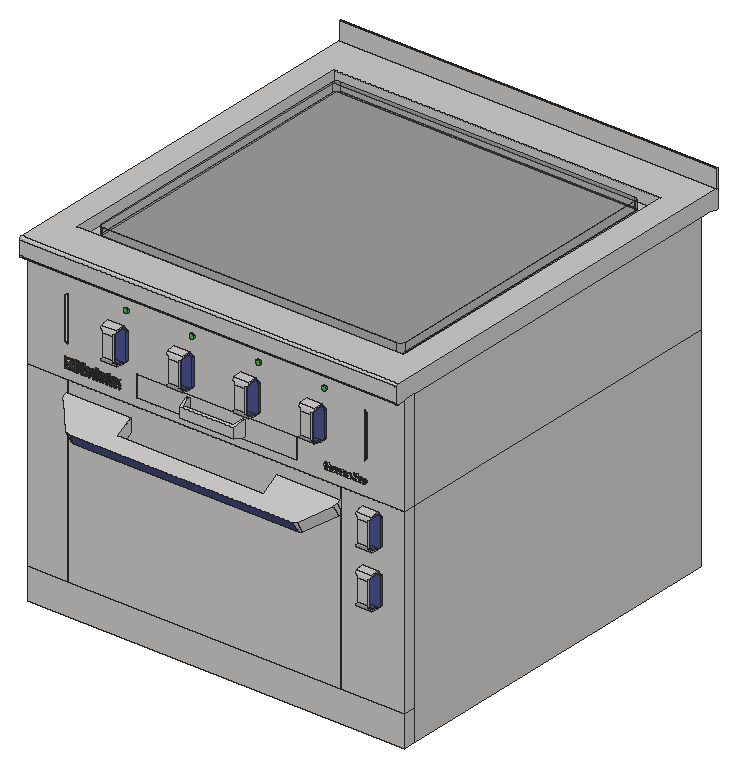
Revit family "QF_ELECTROLUXPROFESSIONAL_588696_MBTGGBH8AO", category Attrezzature speciali, Revit 2020 (continued)
Definition of nested family "Front_Panel_W800_Four Knobs_Spie"
  Definition of nested family "ELX_Professional_Logo_Small"
    Forms (mm)
      Extrusion 2, solid, material <- "Material_Logo"
        sketch origin (15.5, 0, 0) x (1, 0, 0) y (0, 1, 0)
          loop
            spline (9.958, -1.631) -> (10.403, -1.602) -> (10.828, -1.517) -> (11.228, -1.38) -> (11.601, -1.193) -> (11.943, -0.962) -> (12.251, -0.689) -> (12.52, -0.377) -> (12.748, -0.031) -> (12.932, 0.347) -> (13.067, 0.753) -> (13.151, 1.182) -> (13.18, 1.633)
          loop
            line (17.162, 4.269) -> (17.162, -3.573) -> (19.642, -3.573) -> (19.642, 10.824) -> (17.162, 10.824) -> (17.162, 4.269)
          loop
            line (28.581, 6.838) -> (28.581, 0.786)
            spline (28.581, 0.786) -> (28.561, 0.393) -> (28.503, 0.038) -> (28.409, -0.279) -> (28.281, -0.559) -> (28.122, -0.802) -> (27.933, -1.011) -> (27.717, -1.185) -> (27.476, -1.325) -> (27.213, -1.433) -> (26.929, -1.509) -> (26.626, -1.554) -> (26.308, -1.569)
            spline (26.308, -1.569) -> (25.99, -1.554) -> (25.688, -1.509) -> (25.404, -1.434) -> (25.141, -1.326) -> (24.9, -1.187) -> (24.684, -1.014) -> (24.496, -0.807) -> (24.336, -0.565) -> (24.209, -0.288) -> (24.115, 0.026) -> (24.057, 0.376) -> (24.037, 0.765)
            line (24.037, 0.765) -> (24.037, 6.838) -> (21.537, 6.838) -> (21.537, 0.558)
            spline (21.537, 0.558) -> (21.581, -0.153) -> (21.71, -0.8) -> (21.916, -1.384) -> (22.195, -1.904) -> (22.54, -2.362) -> (22.944, -2.757) -> (23.403, -3.09) -> (23.909, -3.362) -> (24.456, -3.572) -> (25.04, -3.722) -> (25.652, -3.811) -> (26.288, -3.841)
            spline (26.288, -3.841) -> (26.929, -3.811) -> (27.547, -3.72) -> (28.135, -3.568) -> (28.687, -3.355) -> (29.197, -3.079) -> (29.66, -2.741) -> (30.068, -2.341) -> (30.415, -1.877) -> (30.696, -1.349) -> (30.905, -0.757) -> (31.034, -0.101) -> (31.079, 0.621)
            line (31.079, 0.621) -> (31.079, 6.838) -> (28.581, 6.838)
          loop
            line (40.457, -0.243) -> (38.894, 1.942) -> (40.83, 4.579) -> (42.488, 6.837) -> (39.782, 6.837) -> (37.53, 3.719) -> (35.258, 6.837) -> (32.573, 6.837) -> (34.113, 4.731) -> (36.167, 1.922) -> (34.014, -1.076) -> (32.222, -3.573) -> (34.887, -3.573) -> (37.53, 0.104) -> (40.174, -3.573) -> (42.839, -3.573) -> (40.457, -0.243)
          loop
            line (-46.121, -5.837) -> (-48.039, -5.837) -> (-48.039, -10.814) -> (-47.016, -10.814) -> (-47.016, -9.128) -> (-46.121, -9.128)
            arc (-46.121, -9.128) -> (-44.476, -7.482) -> (-46.121, -5.837) r 1.645
          loop
            line (-46.163, -6.778) -> (-47.016, -6.778) -> (-47.016, -8.187) -> (-46.163, -8.187)
            arc (-46.163, -8.187) -> (-45.458, -7.482) -> (-46.163, -6.778) r 0.704
          loop
            line (-38.313, -5.837) -> (-40.265, -5.837) -> (-40.265, -10.814) -> (-39.241, -10.814) -> (-39.241, -9.1) -> (-38.46, -9.182) -> (-37.48, -10.814) -> (-36.318, -10.814) -> (-37.513, -8.848)
            arc (-37.513, -8.848) -> (-36.888, -8.266) -> (-36.671, -7.441) r 1.536
            arc (-36.671, -7.441) -> (-37.165, -6.305) -> (-38.313, -5.837) r 1.643
          loop
            arc (-38.402, -8.166) -> (-37.707, -7.505) -> (-38.334, -6.778) r 0.696
            line (-38.334, -6.778) -> (-39.241, -6.778) -> (-39.241, -8.166) -> (-38.402, -8.166)
          loop
            circle (-29.965, -8.325) r 2.585
          loop
            circle (-29.965, -8.325) r 1.64
          loop
            line (-23.1, -5.837) -> (-23.1, -10.814) -> (-22.076, -10.814) -> (-22.076, -8.768) -> (-20.204, -8.768) -> (-20.204, -7.828) -> (-22.076, -7.828) -> (-22.076, -6.778) -> (-20.024, -6.778) -> (-20.024, -5.837) -> (-23.1, -5.837)
          loop
            line (-15.802, -5.837) -> (-15.802, -9.2)
            arc (-15.802, -9.2) -> (-15.343, -10.34) -> (-14.209, -10.814) r 1.593
            line (-14.209, -10.814) -> (-12.602, -10.814) -> (-12.602, -10.027) -> (-14.004, -10.027)
            arc (-14.004, -10.027) -> (-14.552, -9.8) -> (-14.779, -9.252) r 0.775
            line (-14.779, -9.252) -> (-14.779, -8.424) -> (-12.789, -8.424) -> (-12.789, -7.642) -> (-14.779, -7.642) -> (-14.779, -6.778) -> (-12.651, -6.778) -> (-12.651, -5.837) -> (-15.802, -5.837)
          loop
            line (-5.909, -7.143) -> (-5.173, -6.638)
            arc (-5.173, -6.638) -> (-5.855, -5.974) -> (-6.781, -5.755) r 1.782
            arc (-6.781, -5.755) -> (-7.397, -5.878) -> (-7.944, -6.189) r 1.974
            arc (-7.944, -6.189) -> (-8.202, -6.5) -> (-8.317, -6.888) r 1.013
            arc (-8.317, -6.888) -> (-8.306, -7.341) -> (-8.192, -7.78) r 1.985
            arc (-8.192, -7.78) -> (-7.749, -8.259) -> (-7.171, -8.563) r 1.928
            arc (-7.171, -8.563) -> (-6.637, -8.779) -> (-6.131, -9.056) r 5.041
            arc (-6.131, -9.056) -> (-5.934, -9.387) -> (-6.09, -9.74) r 0.42
            arc (-6.09, -9.74) -> (-6.631, -9.96) -> (-7.204, -9.845) r 1.016
            arc (-7.204, -9.845) -> (-7.625, -9.603) -> (-7.889, -9.196) r 1.033
            line (-7.889, -9.196) -> (-8.67, -9.686)
            arc (-8.67, -9.686) -> (-8.361, -10.198) -> (-7.908, -10.589) r 1.914
            arc (-7.908, -10.589) -> (-7.334, -10.834) -> (-6.714, -10.896) r 2.063
            arc (-6.714, -10.896) -> (-5.947, -10.743) -> (-5.256, -10.376) r 2.696
            arc (-5.256, -10.376) -> (-4.95, -9.565) -> (-5.108, -8.712) r 1.618
            arc (-5.108, -8.712) -> (-5.448, -8.319) -> (-5.884, -8.035) r 1.876
            arc (-5.884, -8.035) -> (-6.434, -7.789) -> (-6.999, -7.577) r 9.883
            arc (-6.999, -7.577) -> (-7.325, -7.07) -> (-6.854, -6.694) r 0.45
            arc (-6.854, -6.694) -> (-6.329, -6.809) -> (-5.909, -7.143) r 1.197
          loop
            line (1.61, -7.143) -> (2.345, -6.638)
            arc (2.345, -6.638) -> (1.663, -5.974) -> (0.737, -5.755) r 1.782
            arc (0.737, -5.755) -> (0.121, -5.878) -> (-0.425, -6.189) r 1.974
            arc (-0.425, -6.189) -> (-0.683, -6.5) -> (-0.799, -6.888) r 1.013
            arc (-0.799, -6.888) -> (-0.788, -7.341) -> (-0.674, -7.78) r 1.985
            arc (-0.674, -7.78) -> (-0.231, -8.259) -> (0.347, -8.563) r 1.928
            arc (0.347, -8.563) -> (0.881, -8.779) -> (1.387, -9.056) r 5.041
            arc (1.387, -9.056) -> (1.584, -9.387) -> (1.428, -9.74) r 0.42
            arc (1.428, -9.74) -> (0.887, -9.96) -> (0.314, -9.845) r 1.016
            arc (0.314, -9.845) -> (-0.107, -9.603) -> (-0.371, -9.196) r 1.033
            line (-0.371, -9.196) -> (-1.152, -9.686)
            arc (-1.152, -9.686) -> (-0.842, -10.198) -> (-0.39, -10.589) r 1.914
            arc (-0.39, -10.589) -> (0.184, -10.834) -> (0.804, -10.896) r 2.063
            arc (0.804, -10.896) -> (1.572, -10.743) -> (2.263, -10.376) r 2.696
            arc (2.263, -10.376) -> (2.568, -9.565) -> (2.411, -8.712) r 1.618
            arc (2.411, -8.712) -> (2.07, -8.319) -> (1.635, -8.035) r 1.876
            arc (1.635, -8.035) -> (1.084, -7.789) -> (0.519, -7.577) r 9.883
            arc (0.519, -7.577) -> (0.193, -7.07) -> (0.665, -6.694) r 0.45
            arc (0.665, -6.694) -> (1.189, -6.809) -> (1.61, -7.143) r 1.197
          loop
            line (6.801, -5.837) -> (6.801, -10.814) -> (7.825, -10.814) -> (7.825, -5.837) -> (6.801, -5.837)
          loop
            circle (14.724, -8.325) r 1.548
          loop
            circle (14.724, -8.325) r 2.585
          loop
            line (21.59, -10.814) -> (22.623, -10.814) -> (22.623, -7.685) -> (24.9, -10.814) -> (25.895, -10.814) -> (25.895, -5.837) -> (24.861, -5.837) -> (24.861, -9.061) -> (22.585, -5.837) -> (21.59, -5.837) -> (21.59, -10.814)
          loop
            line (31.054, -10.814) -> (31.539, -9.74) -> (33.38, -9.74) -> (33.865, -10.814) -> (34.965, -10.814) -> (32.46, -5.837) -> (29.956, -10.814) -> (31.054, -10.814)
          loop
            line (32.46, -7.698) -> (31.999, -8.719) -> (32.921, -8.719) -> (32.46, -7.698)
          loop
            line (40.047, -9.873) -> (40.047, -5.837) -> (39.024, -5.837) -> (39.024, -10.814) -> (41.961, -10.814) -> (41.961, -9.873) -> (40.047, -9.873)
          loop
            line (-74.986, -10.814) -> (-53.322, -10.814) -> (-53.322, 10.82) -> (-74.986, 10.82) -> (-74.986, -10.814)
          loop
            line (-61.261, 9.758) -> (-61.261, -9.707)
            arc (-61.261, -9.707) -> (-54.066, 0.025) -> (-61.261, 9.758) r 10.18
          loop
            line (-62.251, 8.349) -> (-62.251, 9.758)
            arc (-62.251, 9.758) -> (-70.347, 7.918) -> (-74.247, 0.59) r 9.976
            line (-74.247, 0.59) -> (-71.026, 0.59)
            arc (-71.026, 0.59) -> (-65.274, 2.925) -> (-62.251, 8.349) r 9.351
          loop
            arc (-74.247, -0.539) -> (-70.353, -7.928) -> (-62.251, -9.957) r 10.237
            line (-62.251, -9.957) -> (-62.251, -8.298)
            arc (-62.251, -8.298) -> (-65.274, -2.874) -> (-71.026, -0.539) r 9.351
            line (-71.026, -0.539) -> (-74.247, -0.539)
        from 0 to 1.644
    Dimensions and locks
      aligned and locked: plane 2 to Extrusion 1
      aligned and locked: level to Extrusion 1
